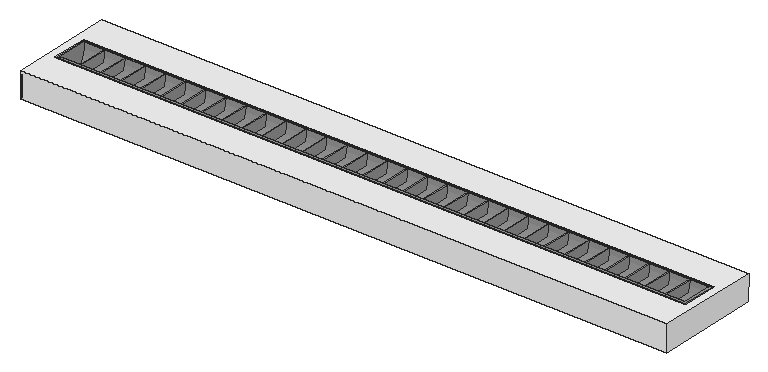
Revit family "0051211 Lighting Fixture_Sylvania_Rana LED 187x1183-Dali Dimmable-4000K_Surface Mounted", category Lighting Fixtures, host Face, Revit 2015
Parameters (values of type "RANA LED D W CM+P 1*LH DA 4K")
  Width = 187.0 mm
  Weight = 3.60 kg
  Wattage = 34.0761 W
  built-in parameter 1150110 = 1 (stored number, unit not read)
  Voltage Comments = "UNV (Universal Voltage; 220-240 Volt)"  # constant formula
  Voltage = 230 V  # constant formula
  URL = "http://www.feilosylvania.com/"
  built-in parameter 1114217 = 1 (stored number, unit not read)
  Tilt Angle = -90.00°
  built-in parameter 1150109 = 1 (stored number, unit not read)
  built-in parameter 1150134 = 12
  built-in parameter 1150113 = 1 (stored number, unit not read)
  Reflector Material = Steel_Sylvania_RanaLED_Silver
  Product Page URL = "http://www.feilosylvania.com/product/en-int/products/0051211"
  Product Family = "Rana LED 187x1183-Dali Dimmable-4000K Lamp"  # constant formula
  Photometry Comments = ""
  Photometric Web File = "0051211_RANALEDDWCM+P1LHDA4K-186701.ies"
  Louver Length = Length - 30.0 mm  # 1153.0 mm
  Life = "50 000h"  # constant formula
  Length = 1183.0 mm
  IP Rating = "20"  # constant formula
  IK Rating = "07"  # constant formula
  Height = 47.0 mm
  Energy Class = "A++, A+, A"  # constant formula
  built-in parameter 1114216 [instance] = 1 (stored number, unit not read)
  Model = "RANA LED D W CM+P 1*LH DA 4K"
  Manufacturer = "Feilo Sylvania"  # constant formula
  built-in parameter 1150105 = 1807.7 (stored number, unit not read)
  Lumens = 3135 lm
  built-in parameter 1150115 = 1 (stored number, unit not read)
  built-in parameter 1150137 = (empty or 0)
  built-in parameter 1150139 = (empty or 0)
  built-in parameter 1150112 = 1 (stored number, unit not read)
  built-in parameter 1150114 = 1 (stored number, unit not read)
  Lamp = "Integrated LED"  # constant formula
  built-in parameter 1150132 = 2
  built-in parameter 1150102 = (empty or 0)
  built-in parameter 1150107 = 4000 (stored number, unit not read)
  built-in parameter 1150138 = (empty or 0)
  built-in parameter 1150106 = 18.077 (stored number, unit not read)
  Emit from Rectangle Width = 65.0 mm  # constant formula
  Emit from Rectangle Length = Louver Length  # 1153.0 mm
  Emit Shape Visible in Rendering = no
  built-in parameter 1150104 = 8.5471 (stored number, unit not read)
  Dimming Lamp Color Temperature Shift = <None>
  Description = "Provides perfect uniform light distribution greatly enhancing the lit space. Low profile for ease of installation in restricted ceiling voids. Two stage optic for optimum comfort and efficiency. UGR19 office compliant. Enclosed design reduces dust ingress and improves Lumen Maintenance Factor (LMF). 32W - 69W LED surface luminaire. Rana LED is perfect for office lighting applications, schools, airports and general lighting applications. Available with a satin optic and micro prism diffuser. Available in surface (615 X 615, 1183 X 1187). Rana LED delivers high efficiency up to 6,050lm (luminaire lumen output on 4,000K version), equating to 101lm/W (total system efficiency). Available in warm white (3,000K) and neutral white (4,000K). Integrated LED solution that has the same aesthetics as a T5 or T8 diffuse luminaire. Energy efficient electronic gear including DALI and 3 hour emergency versions as standard. Long lifetime: 50,000 hours life at 70% of the original output L70. Less maintenance is required due to the long lifetime of 50,000hrs. Energy Class: A++, A+, A. LED technology provides an energy efficient solution with reduced maintenance costs. Comes complete with safety cable"  # constant formula
  Default Elevation = 0.0 mm
  Color Filter = 16777215
  Catalog Number = "0051211 RANA LED D W CM+P 1*LH DA 4K"
  built-in parameter 1140040 [instance] = 1
  built-in parameter 1114218 = 1 (stored number, unit not read)
  built-in parameter 1150133 = 10 (stored number, unit not read)
  Assembly Code = "D5020200"
  Apparent Load Comments = ""
  Apparent Load = 32 VA
  Accessory Material = Aluminum_Sylvania_RanaLED_White
Types (3, lengths in mm): name | Wattage | built-in parameter 1150134 | Product Page URL | Photometric Web File | Model | built-in parameter 1150105 | Lumens | built-in parameter 1150107 | built-in parameter 1150106 | Catalog Number
  RANA LED D W CM+P 1*LH 3K | 32 W | (empty or 0) | "http://www.feilosylvania.com/product/en-int/products/0051215" | "0051215_RANALEDDWCM+P1LH3K-186482.ies" | "RANA LED D W CM+P 1*LH 3K" | 1697.5 (stored number, unit not read) | 2944 lm | 3000 (stored number, unit not read) | 16.975 (stored number, unit not read) | "0051215 RANA LED D W CM+P 1*LH 3K"
  RANA LED D W CM+P 1*LH 4K | 34.0761 W | 12 | "http://www.feilosylvania.com/product/en-int/products/0051210" | "0051210_RANALEDDWCM+P1LH4K-186521.ies" | "RANA LED D W CM+P 1*LH 4K" | 1807.7 (stored number, unit not read) | 3135 lm | 4000 (stored number, unit not read) | 18.077 (stored number, unit not read) | "0051210 RANA LED D W CM+P 1*LH 4K"
  RANA LED D W CM+P 1*LH DA 4K | 34.0761 W | 12 | "http://www.feilosylvania.com/product/en-int/products/0051211" | "0051211_RANALEDDWCM+P1LHDA4K-186701.ies" | "RANA LED D W CM+P 1*LH DA 4K" | 1807.7 (stored number, unit not read) | 3135 lm | 4000 (stored number, unit not read) | 18.077 (stored number, unit not read) | "0051211 RANA LED D W CM+P 1*LH DA 4K"
Reference planes
  plane 1 "Center (Front/Back)": y = 0
  plane 2 "Fixture Top": z = 0
  plane 3 "Center (Left/Right)": x = 0
  plane 4 "Fixture Left": x = -591.5
  plane 5 "Fixture Right": x = 591.5
  plane 6 "Fixture Back": y = 93.5
  plane 7 "Fixture Front": y = -93.5
  plane 8: x = -589.5
  plane 9: x = 589.5
  plane 10: y = 91.5
  plane 11: y = -91.5
  plane 12: x = -576.5
  plane 13: x = 576.5
  plane 14: y = 32.5
  plane 15 "Fixture Bottom": z = 47
  plane 16: z = 45
  plane 17: z = 2
  plane 18: y = -32.5
Forms (mm)
  Extrusion 1, solid, material "Aluminum_Sylvania_RanaLED_White" <- "Accessory Material", detail levels fine
    sketch origin (0, 0, 60) x (-1, 0, 0) y (0, -1, 0)
      loop
        line (591.5, -93.5) -> (591.5, 93.5) -> (-591.5, 93.5) -> (-591.5, -93.5) -> (591.5, -93.5)
      loop
        line (576.5, -32.5) -> (576.5, 32.5) -> (-576.5, 32.5) -> (-576.5, -32.5) -> (576.5, -32.5)
    from -15 to -13
  Extrusion 2, solid, material "Aluminum_Sylvania_RanaLED_White" <- "Accessory Material", detail levels fine
    sketch origin (0, 0, 60) x (-1, 0, 0) y (0, -1, 0)
      loop
        line (-591.5, -93.5) -> (591.5, -93.5) -> (591.5, 93.5) -> (-591.5, 93.5) -> (-591.5, -93.5)
      loop
        line (-589.5, -91.5) -> (589.5, -91.5) -> (589.5, 91.5) -> (-589.5, 91.5) -> (-589.5, -91.5)
    from -58 to -15
  Extrusion 3, solid, material "Aluminum_Sylvania_RanaLED_White" <- "Accessory Material", detail levels fine
    sketch origin (0, 0, 60) x (-1, 0, 0) y (0, -1, 0)
      loop
        line (-591.5, -93.5) -> (591.5, -93.5) -> (591.5, 93.5) -> (-591.5, 93.5) -> (-591.5, -93.5)
    from -60 to -58
  Extrusion 4, solid, material "Aluminum_Sylvania_RanaLED_White" <- "Accessory Material", detail levels coarse+medium
    sketch origin (0, 0, 60) x (-1, 0, 0) y (0, -1, 0)
      loop
        line (591.5, -93.5) -> (591.5, 93.5) -> (-591.5, 93.5) -> (-591.5, -93.5) -> (591.5, -93.5)
    from -60 to -13
Cuts and joins
  joined: Extrusion 1, Extrusion 2, Extrusion 3
Dimensions and locks
  equal spacing: plane 6 "Fixture Back", plane 1 "Center (Front/Back)", plane 7 "Fixture Front"
  "Width": plane 6 "Fixture Back" to plane 7 "Fixture Front"
  equal spacing: plane 4 "Fixture Left", plane 3 "Center (Left/Right)", plane 5 "Fixture Right"
  "Length": plane 4 "Fixture Left" to plane 5 "Fixture Right"
  locked: plane 4 "Fixture Left" to plane 8 at 2
  locked: plane 9 to plane 5 "Fixture Right" at 2
  locked: plane 6 "Fixture Back" to plane 10 at 2
  locked: plane 7 "Fixture Front" to plane 11 at 2
  locked: plane 4 "Fixture Left" to plane 12 at 15
  locked: plane 13 to plane 5 "Fixture Right" at 15
  locked: plane 1 "Center (Front/Back)" to plane 14 at 32.5
  "Height": plane 15 "Fixture Bottom" to plane 2 "Fixture Top"
  locked: plane 15 "Fixture Bottom" to plane 16 at 2
  locked: plane 17 to plane 2 "Fixture Top" at 2
  locked: plane 18 to plane 1 "Center (Front/Back)" at 32.5
  aligned and locked: plane 2 "Fixture Top" to host face
  aligned and locked: level to host face
  aligned and locked: Extrusion 1 sketch curve to plane 6 "Fixture Back"
  aligned and locked: plane 4 "Fixture Left" to Extrusion 1 sketch curve
  aligned and locked: Extrusion 1 sketch curve to plane 7 "Fixture Front"
  aligned and locked: plane 5 "Fixture Right" to Extrusion 1 sketch curve
  aligned and locked: Extrusion 1 to plane 16
  aligned and locked: plane 15 "Fixture Bottom" to Extrusion 1
  aligned and locked: Extrusion 2 sketch curve to Extrusion 1  (x4)
  aligned and locked: Extrusion 2 sketch curve to plane 10
  aligned and locked: Extrusion 2 sketch curve to plane 9
  aligned and locked: plane 11 to Extrusion 2 sketch curve
  aligned and locked: Extrusion 2 sketch curve to plane 8
  aligned and locked: Extrusion 2 to plane 17
  aligned and locked: plane 16 to Extrusion 2
  aligned and locked: Extrusion 3 sketch curve to Extrusion 1  (x4)
  aligned and locked: Extrusion 3 to plane 2 "Fixture Top"
  aligned and locked: plane 17 to Extrusion 3
  aligned and locked: plane 13 to nested 1
  aligned and locked: nested 1 to plane 15 "Fixture Bottom"
  aligned and locked: plane 3 "Center (Left/Right)" to imposter light
  aligned and locked: imposter light to plane 1 "Center (Front/Back)"
  aligned and locked: plane 15 "Fixture Bottom" to imposter light
  aligned and locked: Extrusion 4 sketch curve to cut or joined group of Extrusion 1, Extrusion 2, Extrusion 3  (x4)
  aligned and locked: Extrusion 4 to plane 2 "Fixture Top"
  aligned and locked: plane 15 "Fixture Bottom" to Extrusion 4
  aligned and locked: Extrusion 1 sketch curve to plane 18
  aligned and locked: plane 13 to Extrusion 1 sketch curve
  aligned and locked: plane 1 "Center (Front/Back)" to nested 1
Automatic sketch dimensions
  host sketch curve to host sketch curve = 1713.741 mm
  host sketch curve to host sketch curve = 1283.632 mm
  Extrusion 1 sketch curve to plane 12 = 0.0 mm
  Extrusion 1 sketch curve to plane 14 = 0.0 mm
Nested families
  nested 1: "Reflector Rana LED" at (0, 0, 7) x (0, 1, 0) z (0, 0, 1), type "Type", detail levels fine
    with Length 1153.0 mm, Lamella Number 30
Connectors
  electrical at (0, 0, 0), driven by "Voltage", driven by "Apparent Load"
    settings: on cut or joined group of Extrusion 1, Extrusion 2, Extrusion 3, index 1, voltage 230 V, apparent load 0 VA, apparent load phase1 32 VA, apparent load phase2 0 VA, apparent load phase3 0 VA, power factor 1, load classification "Lighting", number of poles 1, system type 31, power factor state 1, is connector primary yes, connector utility no, sub classification motor no, connector description ""
Definition of nested family "Reflector Rana LED"
  Parameters
    Length = 558.0 mm
    Lamella Number = Length / 39.0 mm  # 14
    Height = 40.0 mm
    Width = 65.0 mm
    Default Elevation = 0.0 mm
    Reflector Material = none
  Reference planes
    plane 1 "Center (Front/Back)": y = 0
    plane 2: z = 0
    plane 3 "Center (Left/Right)": x = 0
    plane 4: x = 32.5
    plane 5: x = -32.5
    plane 6: z = 40
    plane 7: x = -27.5
    plane 8: x = 27.5
    plane 9: z = 3
    plane 10: x = -15
    plane 11: x = 15
    plane 12: y = 279
    plane 13: y = -279
    plane 14: y = 239
    plane 15: y = -239
    plane 16: y = 274
    plane 17: y = -274
    plane 18: z = 20
    plane 19: z = 38.5
  Forms (mm)
    Extrusion 1, solid, material <- "Reflector Material"
      sketch origin (0, 0, 0) x (1, 0, 0) y (0, 0, 1)
        loop
          line (-27.5, 40) -> (-32.5, 40) -> (-32.5, 0) -> (32.5, 0) -> (32.5, 40) -> (27.5, 40)
          arc (27.5, 40) -> (24.712, 20.33) -> (15, 3) r 54
          line (15, 3) -> (-15, 3)
          arc (-15, 3) -> (-24.712, 20.33) -> (-27.5, 40) r 54
      from -279 to 279
    Extrusion 2, solid, material <- "Reflector Material"
      sketch origin (0, 0, 0) x (1, 0, 0) y (0, 0, 1)
        loop
          line (32.5, 40) -> (-32.5, 40) -> (-32.5, 0) -> (32.5, 0) -> (32.5, 40)
      from 274 to 279
    Extrusion 3, solid, material <- "Reflector Material"
      sketch origin (0, 0, 0) x (1, 0, 0) y (0, 0, -1)
        loop
          line (32.5, -40) -> (32.5, 0) -> (-32.5, 0) -> (-32.5, -40) -> (32.5, -40)
      from 274 to 279
    Extrusion 4, solid, material <- "Reflector Material"
      sketch origin (0, -1, 0) x (1, 0, 0) y (0, 0, 1)
        loop
          line (-24.599, 20) -> (24.599, 20)
          arc (24.599, 20) -> (26.881, 29.121) -> (27.545, 38.5) r 54
          line (27.545, 38.5) -> (-27.545, 38.5)
          arc (-27.545, 38.5) -> (-26.881, 29.121) -> (-24.599, 20) r 54
      from -240 to -238
    Extrusion 5, solid, material <- "Reflector Material"
      sketch origin (0, -477, 0) x (1, 0, 0) y (0, 0, 1)
        loop
          line (-24.599, 20) -> (24.599, 20)
          arc (24.599, 20) -> (26.881, 29.121) -> (27.545, 38.5) r 54
          line (27.545, 38.5) -> (-27.545, 38.5)
          arc (-27.545, 38.5) -> (-26.881, 29.121) -> (-24.599, 20) r 54
      from -240 to -238
    Extrusion 6, solid, material <- "Reflector Material"
      sketch origin (0, -37.615, 0) x (1, 0, 0) y (0, 0, 1)
        loop
          line (-24.599, 20) -> (24.599, 20)
          arc (24.599, 20) -> (26.881, 29.121) -> (27.545, 38.5) r 54
          line (27.545, 38.5) -> (-27.545, 38.5)
          arc (-27.545, 38.5) -> (-26.881, 29.121) -> (-24.599, 20) r 54
      from -240 to -238
    Extrusion 7, solid, material <- "Reflector Material"
      sketch origin (0, -74.231, 0) x (1, 0, 0) y (0, 0, 1)
        loop
          line (-24.599, 20) -> (24.599, 20)
          arc (24.599, 20) -> (26.881, 29.121) -> (27.545, 38.5) r 54
          line (27.545, 38.5) -> (-27.545, 38.5)
          arc (-27.545, 38.5) -> (-26.881, 29.121) -> (-24.599, 20) r 54
      from -240 to -238
    Extrusion 8, solid, material <- "Reflector Material"
      sketch origin (0, -110.846, 0) x (1, 0, 0) y (0, 0, 1)
        loop
          line (-24.599, 20) -> (24.599, 20)
          arc (24.599, 20) -> (26.881, 29.121) -> (27.545, 38.5) r 54
          line (27.545, 38.5) -> (-27.545, 38.5)
          arc (-27.545, 38.5) -> (-26.881, 29.121) -> (-24.599, 20) r 54
      from -240 to -238
    Extrusion 9, solid, material <- "Reflector Material"
      sketch origin (0, -147.462, 0) x (1, 0, 0) y (0, 0, 1)
        loop
          line (-24.599, 20) -> (24.599, 20)
          arc (24.599, 20) -> (26.881, 29.121) -> (27.545, 38.5) r 54
          line (27.545, 38.5) -> (-27.545, 38.5)
          arc (-27.545, 38.5) -> (-26.881, 29.121) -> (-24.599, 20) r 54
      from -240 to -238
    Extrusion 10, solid, material <- "Reflector Material"
      sketch origin (0, -184.077, 0) x (1, 0, 0) y (0, 0, 1)
        loop
          line (-24.599, 20) -> (24.599, 20)
          arc (24.599, 20) -> (26.881, 29.121) -> (27.545, 38.5) r 54
          line (27.545, 38.5) -> (-27.545, 38.5)
          arc (-27.545, 38.5) -> (-26.881, 29.121) -> (-24.599, 20) r 54
      from -240 to -238
    Extrusion 11, solid, material <- "Reflector Material"
      sketch origin (0, -220.692, 0) x (1, 0, 0) y (0, 0, 1)
        loop
          line (-24.599, 20) -> (24.599, 20)
          arc (24.599, 20) -> (26.881, 29.121) -> (27.545, 38.5) r 54
          line (27.545, 38.5) -> (-27.545, 38.5)
          arc (-27.545, 38.5) -> (-26.881, 29.121) -> (-24.599, 20) r 54
      from -240 to -238
    Extrusion 12, solid, material <- "Reflector Material"
      sketch origin (0, -257.308, 0) x (1, 0, 0) y (0, 0, 1)
        loop
          line (-24.599, 20) -> (24.599, 20)
          arc (24.599, 20) -> (26.881, 29.121) -> (27.545, 38.5) r 54
          line (27.545, 38.5) -> (-27.545, 38.5)
          arc (-27.545, 38.5) -> (-26.881, 29.121) -> (-24.599, 20) r 54
      from -240 to -238
    Extrusion 13, solid, material <- "Reflector Material"
      sketch origin (0, -293.923, 0) x (1, 0, 0) y (0, 0, 1)
        loop
          line (-24.599, 20) -> (24.599, 20)
          arc (24.599, 20) -> (26.881, 29.121) -> (27.545, 38.5) r 54
          line (27.545, 38.5) -> (-27.545, 38.5)
          arc (-27.545, 38.5) -> (-26.881, 29.121) -> (-24.599, 20) r 54
      from -240 to -238
    Extrusion 14, solid, material <- "Reflector Material"
      sketch origin (0, -330.538, 0) x (1, 0, 0) y (0, 0, 1)
        loop
          line (-24.599, 20) -> (24.599, 20)
          arc (24.599, 20) -> (26.881, 29.121) -> (27.545, 38.5) r 54
          line (27.545, 38.5) -> (-27.545, 38.5)
          arc (-27.545, 38.5) -> (-26.881, 29.121) -> (-24.599, 20) r 54
      from -240 to -238
    Extrusion 15, solid, material <- "Reflector Material"
      sketch origin (0, -367.154, 0) x (1, 0, 0) y (0, 0, 1)
        loop
          line (-24.599, 20) -> (24.599, 20)
          arc (24.599, 20) -> (26.881, 29.121) -> (27.545, 38.5) r 54
          line (27.545, 38.5) -> (-27.545, 38.5)
          arc (-27.545, 38.5) -> (-26.881, 29.121) -> (-24.599, 20) r 54
      from -240 to -238
    Extrusion 16, solid, material <- "Reflector Material"
      sketch origin (0, -403.769, 0) x (1, 0, 0) y (0, 0, 1)
        loop
          line (-24.599, 20) -> (24.599, 20)
          arc (24.599, 20) -> (26.881, 29.121) -> (27.545, 38.5) r 54
          line (27.545, 38.5) -> (-27.545, 38.5)
          arc (-27.545, 38.5) -> (-26.881, 29.121) -> (-24.599, 20) r 54
      from -240 to -238
    Extrusion 17, solid, material <- "Reflector Material"
      sketch origin (0, -440.385, 0) x (1, 0, 0) y (0, 0, 1)
        loop
          line (-24.599, 20) -> (24.599, 20)
          arc (24.599, 20) -> (26.881, 29.121) -> (27.545, 38.5) r 54
          line (27.545, 38.5) -> (-27.545, 38.5)
          arc (-27.545, 38.5) -> (-26.881, 29.121) -> (-24.599, 20) r 54
      from -240 to -238
  Cuts and joins
    joined: Extrusion 1, Extrusion 2, Extrusion 3
  Dimensions and locks
    equal spacing: plane 4, plane 3 "Center (Left/Right)", plane 5
    "Width": plane 5 to plane 4
    "Height": plane 6 to level
    locked: plane 7 to plane 5 at 5
    locked: plane 8 to plane 4 at 5
    locked: plane 5 to plane 10 at 17.5
    locked: plane 4 to plane 11 at 17.5
    equal spacing: plane 13, plane 1 "Center (Front/Back)", plane 12
    "Length": plane 12 to plane 13
    locked: plane 12 to plane 14 at 40
    locked: plane 15 to plane 13 at 40
    locked: plane 17 to plane 13 at 5
    locked: plane 12 to plane 16 at 5
    equal spacing: group 1, group 3, group 4, group 5, group 6, group 7, group 8, group 9, group 10, group 11, group 12, group 13, group 14, group 2  (x2)
    equal spacing: group 2, group 14, group 13, group 12, group 11, group 10, group 9, group 8, group 7, group 6, group 5, group 4, group 3, group 1
    locked: plane 6 to plane 19 at 1.5
    locked: plane 6 to plane 18 at 20
    locked: plane 6 to plane 9 at 37
    aligned and locked: level to plane 2
    aligned and locked: plane 10 to Extrusion 1 sketch curve
    aligned and locked: plane 6 to Extrusion 1 sketch curve
    aligned and locked: plane 7 to Extrusion 1 sketch curve
    aligned and locked: plane 8 to Extrusion 1 sketch curve
    aligned and locked: plane 9 to Extrusion 1 sketch curve  (x2)
    aligned and locked: plane 11 to Extrusion 1 sketch curve
    aligned and locked: Extrusion 1 sketch curve to plane 5
    aligned and locked: plane 2 to Extrusion 1 sketch curve
    aligned and locked: Extrusion 1 sketch curve to plane 4
    aligned and locked: Extrusion 1 sketch curve to plane 6  (x2)
    aligned and locked: plane 12 to Extrusion 1
    aligned and locked: Extrusion 1 to plane 13
    aligned and locked: Extrusion 2 sketch curve to Extrusion 1  (x4)
    aligned and locked: Extrusion 2 to plane 13
    aligned and locked: Extrusion 2 to plane 17
    aligned and locked: plane 12 to Extrusion 3
    aligned and locked: Extrusion 3 to plane 16
    aligned and locked: Extrusion 4 to plane 14
    aligned and locked: Extrusion 5 to plane 15
    aligned and locked: plane 14 to Extrusion 4
    aligned and locked: Extrusion 4 to plane 18
    aligned and locked: plane 19 to Extrusion 4
    aligned and locked: plane 19 to Extrusion 5
    aligned and locked: Extrusion 5 to plane 18
  Automatic sketch dimensions
    Extrusion 1 sketch curve to plane 19 = 0.886 mm  (x2)
    plane 5 to Extrusion 3 sketch curve = 0.0 mm
    Extrusion 3 sketch curve to level = 0.0 mm
    Extrusion 3 sketch curve to plane 4 = 0.0 mm
    Extrusion 3 sketch curve to plane 6 = 0.0 mm
    Extrusion 4 sketch curve to Extrusion 4 sketch curve = 2.946 mm  (x2)
    Extrusion 4 sketch curve to Extrusion 4 sketch curve = 49.199 mm
    Extrusion 4 sketch curve to Extrusion 4 sketch curve = 1.098 mm  (x2)
    Extrusion 4 sketch curve to Extrusion 4 sketch curve = 18.5 mm
    Extrusion 5 sketch curve to Extrusion 5 sketch curve = 2.946 mm  (x2)
    Extrusion 5 sketch curve to Extrusion 5 sketch curve = 49.199 mm
    Extrusion 5 sketch curve to Extrusion 5 sketch curve = 1.098 mm  (x2)
    Extrusion 5 sketch curve to Extrusion 5 sketch curve = 18.5 mm
    Extrusion 6 sketch curve to Extrusion 6 sketch curve = 2.946 mm  (x2)
    Extrusion 6 sketch curve to Extrusion 6 sketch curve = 49.199 mm
    Extrusion 6 sketch curve to Extrusion 6 sketch curve = 1.098 mm  (x2)
    Extrusion 6 sketch curve to Extrusion 6 sketch curve = 18.5 mm
    Extrusion 7 sketch curve to Extrusion 7 sketch curve = 2.946 mm  (x2)
    Extrusion 7 sketch curve to Extrusion 7 sketch curve = 49.199 mm
    Extrusion 7 sketch curve to Extrusion 7 sketch curve = 1.098 mm  (x2)
    Extrusion 7 sketch curve to Extrusion 7 sketch curve = 18.5 mm
    Extrusion 8 sketch curve to Extrusion 8 sketch curve = 2.946 mm  (x2)
    Extrusion 8 sketch curve to Extrusion 8 sketch curve = 49.199 mm
    Extrusion 8 sketch curve to Extrusion 8 sketch curve = 1.098 mm  (x2)
    Extrusion 8 sketch curve to Extrusion 8 sketch curve = 18.5 mm
    Extrusion 9 sketch curve to Extrusion 9 sketch curve = 2.946 mm  (x2)
    Extrusion 9 sketch curve to Extrusion 9 sketch curve = 49.199 mm
    Extrusion 9 sketch curve to Extrusion 9 sketch curve = 1.098 mm  (x2)
    Extrusion 9 sketch curve to Extrusion 9 sketch curve = 18.5 mm
    Extrusion 10 sketch curve to Extrusion 10 sketch curve = 2.946 mm  (x2)
    Extrusion 10 sketch curve to Extrusion 10 sketch curve = 49.199 mm
    Extrusion 10 sketch curve to Extrusion 10 sketch curve = 1.098 mm  (x2)
    Extrusion 10 sketch curve to Extrusion 10 sketch curve = 18.5 mm
    Extrusion 11 sketch curve to Extrusion 11 sketch curve = 2.946 mm  (x2)
    Extrusion 11 sketch curve to Extrusion 11 sketch curve = 49.199 mm
    Extrusion 11 sketch curve to Extrusion 11 sketch curve = 1.098 mm  (x2)
    Extrusion 11 sketch curve to Extrusion 11 sketch curve = 18.5 mm
    Extrusion 12 sketch curve to Extrusion 12 sketch curve = 2.946 mm  (x2)
    Extrusion 12 sketch curve to Extrusion 12 sketch curve = 49.199 mm
    Extrusion 12 sketch curve to Extrusion 12 sketch curve = 1.098 mm  (x2)
    Extrusion 12 sketch curve to Extrusion 12 sketch curve = 18.5 mm
    Extrusion 13 sketch curve to Extrusion 13 sketch curve = 2.946 mm  (x2)
    Extrusion 13 sketch curve to Extrusion 13 sketch curve = 49.199 mm
    Extrusion 13 sketch curve to Extrusion 13 sketch curve = 1.098 mm  (x2)
    Extrusion 13 sketch curve to Extrusion 13 sketch curve = 18.5 mm
    Extrusion 14 sketch curve to Extrusion 14 sketch curve = 2.946 mm  (x2)
    Extrusion 14 sketch curve to Extrusion 14 sketch curve = 49.199 mm
    Extrusion 14 sketch curve to Extrusion 14 sketch curve = 1.098 mm  (x2)
    Extrusion 14 sketch curve to Extrusion 14 sketch curve = 18.5 mm
    Extrusion 15 sketch curve to Extrusion 15 sketch curve = 2.946 mm  (x2)
    Extrusion 15 sketch curve to Extrusion 15 sketch curve = 49.199 mm
    Extrusion 15 sketch curve to Extrusion 15 sketch curve = 1.098 mm  (x2)
    Extrusion 15 sketch curve to Extrusion 15 sketch curve = 18.5 mm
    Extrusion 16 sketch curve to Extrusion 16 sketch curve = 2.946 mm  (x2)
    Extrusion 16 sketch curve to Extrusion 16 sketch curve = 49.199 mm
    Extrusion 16 sketch curve to Extrusion 16 sketch curve = 1.098 mm  (x2)
    Extrusion 16 sketch curve to Extrusion 16 sketch curve = 18.5 mm
    Extrusion 17 sketch curve to Extrusion 17 sketch curve = 2.946 mm  (x2)
    Extrusion 17 sketch curve to Extrusion 17 sketch curve = 49.199 mm
    Extrusion 17 sketch curve to Extrusion 17 sketch curve = 1.098 mm  (x2)
    Extrusion 17 sketch curve to Extrusion 17 sketch curve = 18.5 mm
